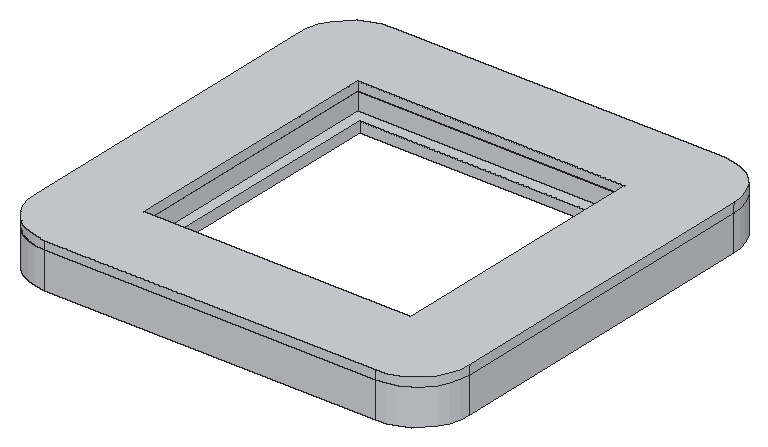
Revit family "Gira_0211422", category Electrical Fixtures, host Face, Revit 2017
Family settings
  Host = Face
  Maintain Annotation Orientation = No
  Round Connector Dimension = Use Diameter
  Part Type = Normal
  Cut with Voids When Loaded = No
  Shared = No
  Room Calculation Point = No
Parameters (values of type "Cov.fr. 1-g Gira E3 grey/anthra.")
  URL = "http://katalog.gira.de/en/datenblatt.html?artikelnr=0211422"
  Transparent = "No"
  Name = "Cov.fr. 1-g Gira E3 grey/anthra."
  Manufacturer URL = "https://www.gira.de/"
  Manufacturer = "Gira"
  Keynote = ""
  HeinzeBIM = "https://bimportal.heinze.de/bim/cov-fr-1-g-gira-e3-grey-anthra-/0b09eb1248de9a9172622032e92c065d8c95728e"
  HAN = "0211422"
  GTIN = "4010337023951"
  Description = "Cov.fr.1g E3 GyAn,Gira E3 cover frame,grey soft touch with anthracite intermediate frame,1-gang,Features:,- Shatter-proof.,,Notes :,- Soft-touch surface,- NCS value: approx. NCS S 3500-N"
  Default Elevation = 1219.2 mm
  Data sheet (1) = "https://katalog.gira.de/en/download.html?artikelnr=0211422"
  Category = "Cover frame for domestic switching devices"
  BIM (1) = "https://media.stage.bim.site/public/gira/36a6b08/E3_Rahmen_1fach.rfa"
  Available = "No"
Reference planes
  plane 1 "Center (Front/Back)": y = 0
  plane 2: z = 0
  plane 3 "Center (Left/Right)": x = 0
Forms (mm)
  Extrusion 1, solid, detail levels fine
    sketch origin (0, 0, 0) x (1, 0, 0) y (0, 1, 0)
      loop
        arc (-34.8, 45.809) -> (-42.585, 42.585) -> (-45.809, 34.8) r 11.009
        line (-45.809, 34.8) -> (-45.809, -34.8)
        arc (-45.809, -34.8) -> (-42.585, -42.585) -> (-34.8, -45.809) r 11.009
        line (-34.8, -45.809) -> (34.8, -45.809)
        arc (34.8, -45.809) -> (42.585, -42.585) -> (45.809, -34.8) r 11.009
        line (45.809, -34.8) -> (45.809, 34.8)
        arc (45.809, 34.8) -> (42.585, 42.585) -> (34.8, 45.809) r 11.009
        line (34.8, 45.809) -> (-34.8, 45.809)
      loop
        line (28.187, 28.156) -> (-28.187, 28.156) -> (-28.187, -28.156) -> (28.187, -28.156) -> (28.187, 28.156)
    from 7.65 to 9.5
  Extrusion 2, solid, detail levels fine
    sketch origin (0, 0, 0) x (1, 0, 0) y (0, 1, 0)
      loop
        line (25.7, 25.7) -> (-25.7, 25.7) -> (-25.7, -25.7) -> (25.7, -25.7) -> (25.7, 25.7)
      loop
        line (-28.187, -28.156) -> (28.187, -28.156) -> (28.187, 28.156) -> (-28.187, 28.156) -> (-28.187, -28.156)
    from 1.65 to 3.9
  Extrusion 3, solid, detail levels fine
    sketch origin (0, 0, 0) x (1, 0, 0) y (0, 1, 0)
      loop
        arc (-34.8, 45.809) -> (-42.585, 42.585) -> (-45.809, 34.8) r 11.009
        line (-45.809, 34.8) -> (-45.809, -34.8)
        arc (-45.809, -34.8) -> (-42.585, -42.585) -> (-34.8, -45.809) r 11.009
        line (-34.8, -45.809) -> (34.8, -45.809)
        arc (34.8, -45.809) -> (42.585, -42.585) -> (45.809, -34.8) r 11.009
        line (45.809, -34.8) -> (45.809, 34.8)
        arc (45.809, 34.8) -> (42.585, 42.585) -> (34.8, 45.809) r 11.009
        line (34.8, 45.809) -> (-34.8, 45.809)
      loop
        line (-43.843, 34.785) -> (-43.843, -34.785)
        arc (-43.843, -34.785) -> (-41.19, -41.19) -> (-34.785, -43.843) r 9.058
        line (-34.785, -43.843) -> (34.785, -43.843)
        arc (34.785, -43.843) -> (41.19, -41.19) -> (43.843, -34.785) r 9.058
        line (43.843, -34.785) -> (43.843, 34.785)
        arc (43.843, 34.785) -> (41.19, 41.19) -> (34.785, 43.843) r 9.058
        line (34.785, 43.843) -> (-34.785, 43.843)
        arc (-34.785, 43.843) -> (-41.19, 41.19) -> (-43.843, 34.785) r 9.058
    from 0 to 7.65
  Extrusion 4, solid, detail levels fine
    sketch origin (0, 0, 0) x (1, 0, 0) y (0, 1, 0)
      loop
        line (-27.337, -31.075) -> (27.337, -31.075)
        arc (27.337, -31.075) -> (29.98, -29.98) -> (31.075, -27.337) r 3.739
        line (31.075, -27.337) -> (31.075, 27.337)
        arc (31.075, 27.337) -> (29.98, 29.98) -> (27.337, 31.075) r 3.739
        line (27.337, 31.075) -> (-27.337, 31.075)
        arc (-27.337, 31.075) -> (-29.98, 29.98) -> (-31.075, 27.337) r 3.739
        line (-31.075, 27.337) -> (-31.075, -27.337)
        arc (-31.075, -27.337) -> (-29.98, -29.98) -> (-27.337, -31.075) r 3.739
      loop
        line (-29.925, 27.537) -> (-29.925, -27.537)
        arc (-29.925, -27.537) -> (-29.226, -29.226) -> (-27.537, -29.925) r 2.389
        line (-27.537, -29.925) -> (27.537, -29.925)
        arc (27.537, -29.925) -> (29.226, -29.226) -> (29.925, -27.537) r 2.389
        line (29.925, -27.537) -> (29.925, 27.537)
        arc (29.925, 27.537) -> (29.226, 29.226) -> (27.537, 29.925) r 2.389
        line (27.537, 29.925) -> (-27.537, 29.925)
        arc (-27.537, 29.925) -> (-29.226, 29.226) -> (-29.925, 27.537) r 2.389
    from 1.65 to 7.65
  Extrusion 5, solid, detail levels fine
    sketch origin (0, 0, 0) x (1, 0, 0) y (0, 1, 0)
      loop
        line (-32.053, -39.8) -> (32.053, -39.8)
        arc (32.053, -39.8) -> (37.667, -36.708) -> (39.9, -30.7) r 9.2
        line (39.9, -30.7) -> (39.9, 30.7)
        arc (39.9, 30.7) -> (37.205, 37.205) -> (30.7, 39.9) r 9.2
        line (30.7, 39.9) -> (-30.7, 39.9)
        arc (-30.7, 39.9) -> (-37.205, 37.205) -> (-39.9, 30.7) r 9.2
        line (-39.9, 30.7) -> (-39.9, -30.7)
        arc (-39.9, -30.7) -> (-37.667, -36.708) -> (-32.053, -39.8) r 9.2
      loop
        line (-30.7, -31.7) -> (30.7, -31.7)
        arc (30.7, -31.7) -> (31.407, -31.407) -> (31.7, -30.7) r 1
        line (31.7, -30.7) -> (31.7, 30.7)
        arc (31.7, 30.7) -> (31.407, 31.407) -> (30.7, 31.7) r 1
        line (30.7, 31.7) -> (-30.7, 31.7)
        arc (-30.7, 31.7) -> (-31.407, 31.407) -> (-31.7, 30.7) r 1
        line (-31.7, 30.7) -> (-31.7, -30.7)
        arc (-31.7, -30.7) -> (-31.407, -31.407) -> (-30.7, -31.7) r 1
    from 1.65 to 3.9
  Extrusion 6, solid, detail levels fine
    sketch origin (0, 0, 0) x (1, 0, 0) y (0, 1, 0)
      loop
        line (-28.187, 28.156) -> (-28.187, -28.156) -> (28.187, -28.156) -> (28.187, 28.156) -> (-28.187, 28.156)
      loop
        line (-29.925, 29.925) -> (-29.925, -29.925) -> (29.925, -29.925) -> (29.925, 29.925) -> (-29.925, 29.925)
    from 1.65 to 7.65
  Extrusion 7, solid, detail levels coarse+medium
    sketch origin (0, 0, 0) x (1, 0, 0) y (0, 1, 0)
      loop
        line (-45.809, 45.809) -> (-45.809, -45.809) -> (45.809, -45.809) -> (45.809, 45.809) -> (-45.809, 45.809)
    from 0 to 9.5
Dimensions and locks
  aligned and locked: plane 2 to host face
  aligned and locked: level to host face
